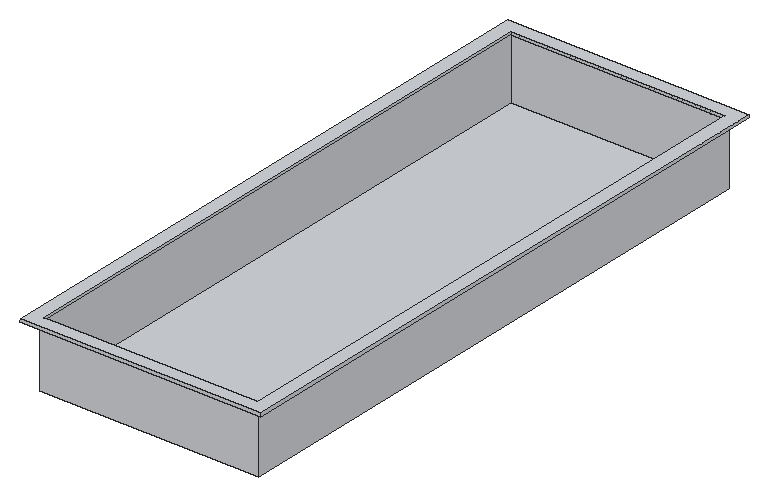
Revit family "Hager-Volta-IP30-Hollow_wall-leer-CH-de", category Electrical Equipment, host Face, Revit 2020
Family settings
  Host = Face
  Panel Configuration = Two Columns, Circuits Across
  Round Connector Dimension = Use Diameter
  Part Type = Panelboard
  Cut with Voids When Loaded = No
  Shared = No
  Room Calculation Point = No
Parameters (values of type "Unterputz  B330 H880 T94.5 12 Teilungseinheiten - VH60NK")
  Width Control [instance] = if([HG000006 - Unterputz], if([EF000846 - Einbaubreite] > min_whd, [EF000846 - Einbaubreite], min_whd), if([EF000008 - Breite] > min_whd, ([EF000008 - Breite]), min_whd))  # 314 mm
  Void Depth [instance] = if([HG000006 - Unterputz], Depth Control, 1 mm)  # 90 mm
  Type Comments = [HG000003 - Bereich]  # "Volta"
  System Height [instance] = Height Control - 2 * [HG000005 - Dicke]  # 840 mm
  Model = [HG000004 - Herstellerreferenz]  # "VH60NK"
  HG000017 - Distanz zwischen den Polen = 18 mm
  HG000016 - 3D-Türsichtbarkeit [instance] = yes
  HG000015 - Sichtbarkeit der Türöffnung [instance] = no
  HG000014 - Tür rechts [instance] = yes
  HG000013 - Tür links [instance] = not([HG000014 - Tür rechts])  # no
  HG000012 - Türschwenkwinkel [instance] = 45.00°
  HG000011 - Leere Reihen von unten = no
  HG000010 - Asymmetrische Türen = no
  HG000009 - Doppelflügeligen Tür = no
  HG000008 - Anzahl der leeren Reihen = 0
  HG000007 - Anzahl der leeren Spalten = 0
  HG000006 - Unterputz = yes
  HG000005 - Dicke = 3 mm  # constant formula
  HG000004 - Herstellerreferenz = "VH60NK"
  HG000003 - Bereich = "Volta"
  HG000002 - Mit tür = no
  HG000001 - Anzahl der Spalten = 0
  EF015941 - Signaldurchlassende Tür = no
  EF015777 - Neutralleiterklemmenblock = no
  EF015776 - Erdungsklemmenblock = no
  EF009212 - Ausführung Deckel = "EV000116 - geschlossen"
  EF006306 - Mit Schloss = no
  EF006244 - Transparenter Deckel/Tür = no
  EF005474 - Schutzart (IP) = ""
  EF004462 - Art der Schließung = ""
  EF002950 - Breite in Teilungseinheiten = 12
  EF001596 - Werkstoff des Gehäuses = "EV000139 - Kunststoff"
  EF001134 - DIN-Schiene = no
  EF001131 - Innentiefe = 92 mm
  EF001088 - Anbaumöglichkeit = yes
  EF001062 - EMV-Ausführung = yes
  EF000846 - Einbaubreite = 314 mm
  EF000339 - Art der Abdeckung = ""
  EF000332 - Einbauhöhe = 846 mm
  EF000266 - Anzahl der Reihen = 5
  EF000218 - Einbautiefe = 90 mm
  EF000118 - Mit Montageplatte = no
  EF000116 - RAL-Nummer = "9010"
  EF000049 - Tiefe = 94 mm
  EF000040 - Höhe = 880 mm
  EF000008 - Breite = 330 mm
  EF000007 - Farbe = "EV000202 - weiß"
  EF000003 - Montageart = "EV000128 - Hohlwand"
  Arrow Offset [instance] = Depth Control / 8  # 11.25 mm
  Arrow Height [instance] = Depth Control - Arrow Offset  # 78.75 mm
  Host Offset [instance] = if([HG000006 - Unterputz], 0 mm, [EF000049 - Tiefe])  # 0 mm
  min_whd [instance] = (2 * [HG000005 - Dicke]) + 1 mm  # 7 mm
  Manufacturer = "Hager"  # constant formula
  Height Control [instance] = if([HG000006 - Unterputz], if([EF000332 - Einbauhöhe] > min_whd, [EF000332 - Einbauhöhe], min_whd), if([EF000040 - Höhe] > min_whd, ([EF000040 - Höhe]), min_whd))  # 846 mm
  Flush Mounted - Door Frame Width [instance] = if(([EF000040 - Höhe] - [EF000332 - Einbauhöhe]) > 0 mm, if([HG000006 - Unterputz], [EF000040 - Höhe] - [EF000332 - Einbauhöhe], 0 mm), 0 mm)  # 34 mm
  Depth Control [instance] = if([HG000006 - Unterputz], if([EF000218 - Einbautiefe] > 0 mm, [EF000218 - Einbautiefe], 1 mm), if([EF000049 - Tiefe] > 0 mm, ([EF000049 - Tiefe]), 1 mm))  # 90 mm
  Default Elevation = 0 mm
Types (5, lengths in mm): name | System Height | Model | HG000004 - Herstellerreferenz | EF000332 - Einbauhöhe | EF000266 - Anzahl der Reihen | EF000040 - Höhe | Height Control | Flush Mounted - Door Frame Width
  Unterputz  B330 H355 T94.5 12 Teilungseinheiten - VH12NK | 340 | "VH12NK" | "VH12NK" | 346 | 1 | 355 | 346 | 9
  Unterputz  B330 H484 T94.5 12 Teilungseinheiten - VH24NK | 465 | "VH24NK" | "VH24NK" | 471 | 2 | 484 | 471 | 13
  Unterputz  B330 H609 T94.5 12 Teilungseinheiten - VH36NK | 590 | "VH36NK" | "VH36NK" | 596 | 3 | 609 | 596 | 13
  Unterputz  B330 H734 T94.5 12 Teilungseinheiten - VH48NK | 715 | "VH48NK" | "VH48NK" | 721 | 4 | 734 | 721 | 13
  Unterputz  B330 H880 T94.5 12 Teilungseinheiten - VH60NK | 840 | "VH60NK" | "VH60NK" | 846 | 5 | 880 | 846 | 34
Reference planes
  plane 1 "Center (Front/Back)": y = 0
  plane 2: z = 0
  plane 3 "Center (Left/Right)": x = 0
  plane 4: z = 0
  plane 5: y = 37
  plane 6: z = -5
  plane 7: y = 457
  plane 8: y = 34
  plane 9: y = 880
  plane 10: z = -90
  plane 11: x = -157
  plane 12: x = 157
  plane 13: x = 154
  plane 14: x = -154
  plane 15: y = 877
  plane 16: z = -87
  plane 17: z = -3
  plane 18: z = -90
  plane 19: z = -3
Forms (mm)
  Extrusion 1, solid
    sketch origin (-583.045, 34, 1219.2) x (-1, 0, 0) y (0, 0, 1)
      loop
        line (-426.045, -1219.2) -> (-740.045, -1219.2) -> (-740.045, -1309.2) -> (-426.045, -1309.2) -> (-426.045, -1219.2)
    from 0 to 846 <- "Height Control"
  Extrusion 2, void
    sketch origin (-381.607, -4572, 0) x (0, -1, 0) y (-1, 0, 0)
      loop
        line (-5449, -227.607) -> (-5449, -535.607) -> (-4609, -535.607) -> (-4609, -227.607) -> (-5449, -227.607)
    from 0 to 87
  Extrusion 3, void
    sketch origin (0, 0, 0) x (1, 0, 0) y (0, 1, 0)
      loop
        line (-157, 34) -> (157, 34) -> (157, 880) -> (-157, 880) -> (-157, 34)
    from -90 to 1
  Extrusion 4, solid, detail levels coarse+medium
    sketch origin (-381.607, -4572, 0) x (-1, 0, 0) y (0, -1, 0)
      loop
        line (-227.607, -5449) -> (-227.607, -4609) -> (-535.607, -4609) -> (-535.607, -5449) -> (-227.607, -5449)
    from 0 to -3
Cuts and joins
  Extrusion 2 cuts Extrusion 1
Dimensions and locks
  plane 4 to plane 6 = 5 mm
  "Host Offset": plane 4 to host face
  "Flush Mounted - Door Frame Width": plane 1 "Center (Front/Back)" to plane 8
  "HG000005 - Dicke": plane 5 to plane 8
  locked: connector elem to plane 3 "Center (Left/Right)"
  "Height Control": plane 9 to plane 8
  equal spacing: plane 9, plane 7, plane 8
  locked: connector elem to plane 7
  "Depth Control": plane 4 to plane 10
  "HG000005 - Dicke": plane 11 to plane 14
  "HG000005 - Dicke": plane 12 to plane 13
  equal spacing: plane 11, plane 3 "Center (Left/Right)", plane 12
  "Width Control": plane 11 to plane 12
  "Arrow Offset": nested 4 to plane 10
  "HG000005 - Dicke": plane 9 to plane 15
  "HG000005 - Dicke": plane 16 to plane 10
  "HG000005 - Dicke": plane 4 to plane 17
  "Void Depth": plane 2 to plane 18
  "HG000005 - Dicke": plane 4 to plane 19
  aligned and locked: plane 2 to host face
  aligned and locked: level to host face
  aligned and locked: plane 3 "Center (Left/Right)" to nested 2
  aligned and locked: plane 4 to nested 2
  aligned and locked: nested 2 to plane 8
  aligned and locked: nested 1 to plane 6
  aligned and locked: plane 5 to nested 1
  aligned and locked: nested 4 to plane 11
  aligned and locked: nested 3 to plane 4
  aligned and locked: Extrusion 1 sketch curve to plane 12
  aligned and locked: Extrusion 1 sketch curve to plane 11
  aligned and locked: nested 3 to plane 10
  aligned and locked: plane 10 to Extrusion 1 sketch curve
  aligned and locked: plane 5 to Extrusion 2 sketch curve
  aligned and locked: Extrusion 2 sketch curve to plane 15
  aligned and locked: Extrusion 2 sketch curve to plane 14
  aligned and locked: Extrusion 2 sketch curve to plane 13
  aligned and locked: plane 11 to Extrusion 3 sketch curve
  aligned and locked: plane 9 to Extrusion 3 sketch curve
  aligned and locked: Extrusion 3 sketch curve to plane 8
  aligned and locked: plane 12 to Extrusion 3 sketch curve
  aligned and locked: nested 3 to plane 12
  aligned and locked: Extrusion 3 to plane 18
  aligned and locked: Extrusion 2 to plane 16
  aligned and locked: Extrusion 1 sketch curve to plane 4
  aligned and locked: Extrusion 4 to plane 17
  aligned and locked: Extrusion 4 sketch curve to plane 15
  aligned and locked: Extrusion 4 sketch curve to plane 13
  aligned and locked: Extrusion 4 sketch curve to plane 14
  aligned and locked: plane 5 to Extrusion 4 sketch curve
Automatic sketch dimensions
  host sketch curve to host sketch curve = 1469.727 mm
  host sketch curve to host sketch curve = 1434.803 mm
Nested families
  nested 1: "Hager_Enclosure_System" at (0, 37, -5) x (1, 0, 0) z (0, 1, 0), Depth <- "HG000005 - Dicke", Height <- "System Height", Width <- "EF000008 - Breite", Border <- "HG000005 - Dicke", Flush_Mounted <- "HG000006 - Unterputz", Built-in_Width <- "EF000846 - Einbaubreite", Row_Module_Multiplicator <- "EF002950 - Breite in Teilungseinheiten", Total_No_Empty_Rows <- "HG000008 - Anzahl der leeren Reihen", Total_No_Rows <- "EF000266 - Anzahl der Reihen", Empty_Columns <- "HG000007 - Anzahl der leeren Spalten", Width_Control <- "Width Control", Empty_Rows_From_Bottom <- "HG000011 - Leere Reihen von unten", Distance_Between_Poles <- "HG000017 - Distanz zwischen den Polen", Rows_Count <- "EF000266 - Anzahl der Reihen", Columns_Count <- "HG000001 - Anzahl der Spalten", type "Hager_Enclosure_System", detail levels fine
    with Width_Control 314 mm, Width 330 mm, Total_No_Rows 5, Total_No_Empty_Rows 0, Total_No_Columns 1, System_Width 308 mm, Rows_Count 5, Rows_Column 5, Row_Module_Multiplicator 12, Panel_4 no, Panel_3 no, Panel_2 no, Panel_1 no, No_Panels_Ctrl 1, Hide_Columns yes, Height 840 mm, Flush_Mounted yes, Empty_Rows_From_Bottom no, Empty_Rows_Column 0, Empty_Columns 0, Distance_Between_Poles 18 mm, Depth 3 mm, Columns_Count 0, Column_Width 308 mm, Built-in_Width 314 mm, Border 3 mm
  nested 2: "Hager_Enclosure_Door" at (0, 34, 0) x (1, 0, 0) z (0, 1, 0), Border <- "HG000005 - Dicke", Door_Right <- "HG000014 - Tür rechts", Flush_Mounted <- "HG000006 - Unterputz", Depth <- "EF000049 - Tiefe", Width <- "EF000008 - Breite", Door_Left <- "HG000013 - Tür links", 3d_Door <- "HG000016 - 3D-Türsichtbarkeit", BuiltIn_Width <- "EF000846 - Einbaubreite", BuiltIn_Height <- "EF000332 - Einbauhöhe", BuiltIn_Depth <- "EF000218 - Einbautiefe", Angle <- "HG000012 - Türschwenkwinkel", Assymetrical <- "HG000010 - Asymmetrische Türen", Double <- "HG000009 - Doppelflügeligen Tür", Clearance <- "HG000015 - Sichtbarkeit der Türöffnung", Transparent <- "EF006244 - Transparenter Deckel/Tür", Door <- "HG000002 - Mit tür", Height_Ctrl <- "Height Control", Width_Ctrl <- "Width Control", Height <- "EF000040 - Höhe", type "Hager_Enclosure_Door", detail levels medium+fine
    with min_wh 7 mm, Width_Ctrl 314 mm, Width 330 mm, Transparent_Door_No_Bottom_Border no, Transparent no, Leaf_Width 305 mm, Leaf_Tolerance 1.5 mm, Leaf_Height 837 mm, Leaf_2_Width 305 mm, Leaf_2_Offset 152.5 mm, Leaf_1_Width 305 mm, Leaf_1_Offset 152.5 mm, Height_Ctrl 846 mm, Height 880 mm, Frame_Width_Ctrl 16 mm, Frame_Width 16 mm, Frame_Internal_Offset 3 mm, Frame_Height_Ctrl 34 mm, Frame_Height 34 mm, Frame_Depth_Ctrl 4 mm, Frame_Depth 4 mm, Flush_Mounted yes, Double_Clearance_Ctrl no, Double no, Door_Right_Ctrl no, Door_Right yes, Door_Left_Ctrl no, Door_Left no, Door no, Depth 94 mm, Clearance_Depth 305 mm, Clearance_Ctrl no, Clearance no, BuiltIn_Width 314 mm, BuiltIn_Height 846 mm, BuiltIn_Depth 90 mm, Border 3 mm, Assymetrical no, Angle 45.00°, 3d_Door yes
  nested 3: "Hager_Enclosure_Symbol_Triangle" at (-157, 0, -90) x (1, 0, 0) z (0, -1, 0), Depth <- "Depth Control", Width <- "Width Control", type "Hager_Enclosure_Symbol_Triangle"
    with Width_Ctrl 314 mm, Width 314 mm, Depth_Ctrl 90 mm, Depth 90 mm
  nested 4: "Hager_Enclosure_Symbol_Arrow" at (-157, 0, -78.75) x (1, 0, 0) z (0, -1, 0), Height <- "Arrow Height", type "Hager_Enclosure_Symbol_Arrow"
    with Width_Inside 5.906 mm, Width 70.875 mm, Height_Ctrl 78.75 mm, Height 78.75 mm
Connectors
  electrical at (0, 457, -90)
    settings: on plane 10, index 1, voltage 0 V, apparent load 0 VA, apparent load phase1 0 VA, apparent load phase2 0 VA, apparent load phase3 0 VA, power factor 1, load classification "Other", number of poles 1, system type 30, power factor state 1, is connector primary yes, connector utility no, sub classification motor no, connector description ""
Definition of nested family "Hager_Enclosure_Door"
  Parameters (values of type "Hager_Enclosure_Door")
    min_wh [instance] = (2 * Border) + 1 mm  # 11 mm
    Width_Ctrl [instance] = 400 mm
    Width [instance] = 500 mm
    Transparent_Door_No_Bottom_Border [instance] = no
    Transparent [instance] = yes
    Leaf_Width [instance] = if((Width_Ctrl - 2 * Border - 2 * Leaf_Tolerance) > 0 mm, (Width_Ctrl - 2 * Border - 2 * Leaf_Tolerance), min_wh)  # 387 mm
    Leaf_Tolerance [instance] = 1.5 mm  # constant formula
    Leaf_Height [instance] = if((Height_Ctrl - 2 * Border - 2 * Leaf_Tolerance) > 0 mm, (Height_Ctrl - 2 * Border - 2 * Leaf_Tolerance), min_wh)  # 387 mm
    Leaf_2_Width [instance] = if(and(and(Double, Assymetrical), Door_Left), (Leaf_Width / 3) - (Leaf_Tolerance / 2), if(and(and(Double, Assymetrical), Door_Right), (Leaf_Width / 3) * 2 - (Leaf_Tolerance / 2), if(and(Double, not(Assymetrical)), (Leaf_Width / 2) - Leaf_Tolerance, Leaf_Width)))  # 387 mm
    Leaf_2_Offset [instance] = if(and(Double, Assymetrical), Leaf_2_Width / 2, if(and(Double, not(Assymetrical)), Leaf_Width / 4, Leaf_Width / 2))  # 193.5 mm
    Leaf_1_Width [instance] = if(and(and(Double, Assymetrical), Door_Right), (Leaf_Width / 3) - (Leaf_Tolerance / 2), if(and(and(Double, Assymetrical), Door_Left), (Width / 3) * 2 - (Leaf_Tolerance / 2), if(and(Double, not(Assymetrical)), (Leaf_Width / 2) - Leaf_Tolerance, Leaf_Width)))  # 387 mm
    Leaf_1_Offset [instance] = if(and(Double, Assymetrical), Leaf_1_Width / 2, if(and(Double, not(Assymetrical)), Leaf_Width / 4, Leaf_Width / 2))  # 193.5 mm
    Height_Ctrl [instance] = 400 mm
    Height [instance] = 500 mm
    Frame_Width_Ctrl [instance] = if(Frame_Width > 0 mm, Frame_Width, 1 mm)  # 1 mm
    Frame_Width [instance] = Width - BuiltIn_Width  # 0 mm
    Frame_Internal_Offset [instance] = if(Flush_Mounted, Border, 0 mm)  # 5 mm
    Frame_Height_Ctrl [instance] = if(Frame_Height > 0 mm, Frame_Height, 1 mm)  # 1 mm
    Frame_Height [instance] = Height - BuiltIn_Height  # 0 mm
    Frame_Depth_Ctrl [instance] = if(Frame_Depth > 0 mm, Frame_Depth, 1 mm)  # 1 mm
    Frame_Depth [instance] = if(Depth - BuiltIn_Depth > 0 mm, if(Flush_Mounted, Depth - BuiltIn_Depth, 0 mm), 0 mm)  # 0 mm
    Flush_Mounted [instance] = yes
    Double_Clearance_Ctrl [instance] = and(Double, Clearance)  # no
    Double [instance] = no
    Door_Right_Ctrl [instance] = and(or(Door_Right, Double), Door)  # yes
    Door_Right [instance] = yes
    Door_Left_Ctrl [instance] = and(or(Door_Left, Double), Door)  # no
    Door_Left [instance] = no
    Door [instance] = yes
    Depth [instance] = 500 mm
    Default Elevation = 1219.2 mm
    Clearance_Material = none
    Clearance_Depth [instance] = if(Leaf_1_Width > Leaf_2_Width, Leaf_1_Width, Leaf_2_Width)  # 387 mm
    Clearance_Ctrl [instance] = and(not(Double), Clearance)  # yes
    Clearance [instance] = yes
    BuiltIn_Width [instance] = 500 mm
    BuiltIn_Height [instance] = 500 mm
    BuiltIn_Depth [instance] = 500 mm
    Border [instance] = 5 mm
    Assymetrical [instance] = yes
    Angle [instance] = 30.00°
    3d_Door [instance] = yes
  Reference planes
    plane 1 "Center (Front/Back)": y = 0
    plane 2 "Bottom": z = 0
    plane 3 "Center (Left/Right)": x = 0
    plane 4: z = 400
    plane 5: x = -200
    plane 6: x = 200
    plane 7: z = 395
    plane 8: x = -195
    plane 9: z = 5
    plane 10: x = 195
    plane 11: y = 0
    plane 12: z = 6.5
    plane 13: x = -582
    plane 14: y = -387
    plane 15: x = 582
    plane 16: x = 0
    plane 17: x = 0
    plane 18: x = -193.5
    plane 19: x = 193.5
    plane 20: z = 393.5
  Forms (mm)
    Extrusion 1, solid, visible <- "Flush_Mounted"
      sketch origin (0, 0, 0) x (1, 0, 0) y (0, 0, 1)
        loop
          line (195, 5) -> (195, 395) -> (-195, 395) -> (-195, 5) -> (195, 5)
        loop
          line (-201, 401) -> (-201, -1) -> (201, -1) -> (201, 401) -> (-201, 401)
      from 0 to 1 <- "Frame_Depth_Ctrl"
    Extrusion 2, solid, material <- "Clearance_Material", visible <- "Double_Clearance_Ctrl"
      sketch origin (1200, 0, 0) x (1, 0, 0) y (0, 0, -1)
        loop
          line (-1782, -393.5) -> (-618, -393.5) -> (-618, 0) -> (-1782, 0) -> (-1782, -393.5)
      from 0 to -387
  Dimensions and locks
    equal spacing: plane 5, plane 3 "Center (Left/Right)", plane 6
    "Width_Ctrl": plane 5 to plane 6
    "Border": plane 5 to plane 8
    "Border": plane 6 to plane 10
    "Border": plane 9 to level
    "Border": plane 4 to plane 7
    "Height_Ctrl": plane 4 to level
    "Leaf_Tolerance": plane 12 to plane 9
    "Frame_Depth": plane 11 to plane 1 "Center (Front/Back)"
    "Frame_Width_Ctrl": plane 5 to Extrusion 1 sketch curve
    "Frame_Width_Ctrl": plane 6 to Extrusion 1 sketch curve
    "Frame_Width_Ctrl": Extrusion 1 sketch curve to plane 4
    "Frame_Width_Ctrl": plane 2 "Bottom" to Extrusion 1 sketch curve
    "Leaf_1_Offset": plane 18 to plane 16
    "Leaf_2_Offset": plane 17 to plane 19
    "Leaf_1_Width": plane 13 to plane 8
    "Leaf_2_Width": plane 10 to plane 15
    "Clearance_Depth": plane 14 to plane 1 "Center (Front/Back)"
    "Leaf_Tolerance": plane 8 to plane 18
    "Leaf_Tolerance": plane 19 to plane 10
    "Leaf_Tolerance": plane 7 to plane 20
    "Frame_Internal_Offset": plane 5 to Extrusion 1 sketch curve
    "Frame_Internal_Offset": Extrusion 1 sketch curve to plane 2 "Bottom"
    "Frame_Internal_Offset": plane 6 to Extrusion 1 sketch curve
    "Frame_Internal_Offset": plane 4 to Extrusion 1 sketch curve
    aligned and locked: level to plane 2 "Bottom"
    aligned and locked: nested 1 to plane 16
    aligned and locked: nested 2 to plane 17
    aligned and locked: Extrusion 2 to plane 13
    aligned and locked: plane 15 to Extrusion 2
    aligned and locked: Extrusion 2 to plane 14
    aligned and locked: plane 12 to nested 1
    aligned and locked: nested 2 to plane 12
    aligned and locked: Extrusion 2 to plane 11
    aligned and locked: plane 20 to Extrusion 2
    aligned and locked: nested 2 to plane 11
    aligned and locked: nested 1 to plane 11
  Automatic sketch dimensions
    Extrusion 2 sketch curve to level = 0 mm
    plane 5 to Extrusion 2 sketch curve = 382 mm
    plane 6 to Extrusion 2 sketch curve = 382 mm
    Extrusion 2 sketch curve to plane 4 = 6.5 mm
  Nested families
    nested 1: "Hager_Enclosure_Door_Leaf" at (0, 0, 6.5), Width <- "Leaf_1_Width", visible <- "Door_Left_Ctrl", Leaf_Height <- "Leaf_Height", Angle <- "Angle", Depth <- "Border", 3d_Door <- "3d_Door", Transparent <- "Transparent", Clearance Material <- "Clearance_Material", Clearance <- "Clearance_Ctrl", Transparent_Door_No_Bottom_Border <- "Transparent_Door_No_Bottom_Border", type "Hager_Enclosure_Door_Leaf"
      with Width 387 mm, Transparent_Door_No_Bottom_Border no, Transparent_Door_Border_Bottom_Top 25 mm, Transparent_Door_Border 25 mm, Transparent_Ctrl yes, Transparent yes, Standard no, Leaf_Height 387 mm, Glass_Offset 1 mm, Depth 5 mm, Clearance Material none, Clearance yes, Angle_Ctrl 30.00°, Angle 30.00°, 3d_Door yes
    nested 2: "Hager_Enclosure_Door_Leaf" at (0, 0, 6.5) x (-1, 0, 0) z (0, 0, 1), Width <- "Leaf_2_Width", visible <- "Door_Right_Ctrl", Leaf_Height <- "Leaf_Height", Angle <- "Angle", Depth <- "Border", 3d_Door <- "3d_Door", Transparent <- "Transparent", Clearance Material <- "Clearance_Material", Clearance <- "Clearance_Ctrl", Transparent_Door_No_Bottom_Border <- "Transparent_Door_No_Bottom_Border", type "Hager_Enclosure_Door_Leaf"
      with Width 387 mm, Transparent_Door_No_Bottom_Border no, Transparent_Door_Border_Bottom_Top 25 mm, Transparent_Door_Border 25 mm, Transparent_Ctrl yes, Transparent yes, Standard no, Leaf_Height 387 mm, Glass_Offset 1 mm, Depth 5 mm, Clearance Material none, Clearance yes, Angle_Ctrl 30.00°, Angle 30.00°, 3d_Door yes
  Definition of nested family "Hager_Enclosure_Door_Leaf"
    Parameters (values of type "Hager_Enclosure_Door_Leaf")
      Width [instance] = 2000 mm
      Transparent_Door_No_Bottom_Border [instance] = yes
      Transparent_Door_Border_Bottom_Top [instance] = if(Transparent_Door_No_Bottom_Border, 0.1 mm, Transparent_Door_Border)  # 0.1 mm
      Transparent_Door_Border [instance] = if(Transparent_Door_No_Bottom_Border, (Width * 0.12), 25 mm)  # 240 mm
      Transparent_Ctrl [instance] = and(Transparent, [3d_Door])  # yes
      Transparent [instance] = yes
      Standard [instance] = and(not(Transparent), [3d_Door])  # no
      Leaf_Height [instance] = 2720.336 mm
      Glass_Offset [instance] = if((Depth - 10 mm) / 2 > 0 mm, (Depth - 10 mm) / 2, 1 mm)  # 15 mm
      Glass_Material = none
      Depth [instance] = 40 mm
      Default Elevation = 0 mm
      Clearance Material [instance] = none
      Clearance [instance] = yes
      Angle_Ctrl [instance] = if(Angle > 170.00°, 170.00°, Angle)  # 45.00°
      Angle [instance] = 45.00°
      3d_Door [instance] = yes
    Reference planes
      plane 1 "Center (Front/Back)": y = 0
      plane 2: z = 0
      plane 3 "Center (Left/Right)": x = 0
      plane 4: y = 2000
      plane 5: x = -1000
      plane 6: x = 1000
      plane 7: x = -3000
      plane 8: z = 2720.336
      plane 9: z = 0.1
      plane 10: z = 2720.236
      plane 11: x = 760
      plane 12: x = -760
    Forms (mm)
      Extrusion 1, solid, material <- "Clearance Material", visible <- "Clearance"
        sketch origin (0, 0, 0) x (1, 0, 0) y (0, 0, 1)
          loop
            line (-3000, 2720.336) -> (-3000, 0) -> (1000, 0) -> (1000, 2720.336) -> (-3000, 2720.336)
        from 0 to -2000
      Extrusion 2, solid, visible <- "Standard", detail levels medium+fine
        sketch origin (-1000, 0, 0) x (0.707107, 0.707107, 0) y (-0.707107, 0.707107, 0)
          loop
            line (0, -40) -> (2000, -40) -> (2000, 0) -> (0, 0) -> (0, -40)
        from 0 to 2720.336 <- "Leaf_Height"
      Extrusion 3, solid, visible <- "Transparent_Ctrl", detail levels medium+fine
        sketch origin (-1000, 0, 0) x (0.707107, 0.707107, 0) y (-0.707107, 0.707107, 0)
          loop
            line (0, -40) -> (2000, -40) -> (2000, 0) -> (0, 0) -> (0, -40)
        from 0 to 2720.336 <- "Leaf_Height"
      Extrusion 4, void, detail levels medium+fine
        sketch origin (-1000, 0, 0) x (-0.707107, 0.707107, 0) y (0.707107, 0.707107, 0)
          loop
            line (0, 240) -> (0, 1760) -> (-40, 1760) -> (-40, 240) -> (0, 240)
        from -2720.236 to -0.1
      Extrusion 5, solid, material <- "Glass_Material", visible <- "Transparent_Ctrl", detail levels medium+fine
        sketch origin (-1000, 0, 0) x (0.707107, 0.707107, 0) y (-0.707107, 0.707107, 0)
          loop
            line (240, -15) -> (240, -25) -> (1760, -25) -> (1760, -15) -> (240, -15)
        from 0.1 to 2720.236
    Cuts and joins
      Extrusion 4 cuts Extrusion 3
    Lines and regions (mm)
      symbolic lines
        curve 1: line (1000, 0, 0) -> (-3000, 0, 0)
        curve 2: arc (1000, 0, 0) -> (-1000, 2000, 0) -> (-3000, 0, 0) r 2000
        curve 4: line (-1000, 0, 0) -> (414.214, 1414.214, 0)
      reference lines
        curve 3: line (-1000, 0, 0) -> (414.214, 1414.214, 0)
      symbolic lines, detail levels medium+fine
        curve 5: line (414.214, 1414.214, 0) -> (442.498, 1385.929, 0)
        curve 6: line (442.498, 1385.929, 0) -> (-971.716, -28.284, 0)
        curve 7: line (-971.716, -28.284, 0) -> (-1000, 0, 0)
        curve 8: line (-1000, 0, 2720.336) -> (1000, 0, 2720.336)
        curve 9: line (-1000, 0, 0) -> (-1000, 0, 2720.336)
        curve 10: line (1000, 0, 0) -> (-1000, 0, 0)
        curve 11: line (1000, 0, 2720.336) -> (1000, 0, 0)
      symbolic lines, visible <- "Transparent_Ctrl", detail levels medium+fine
        curve 12: line (-760, 0, 2720.236) -> (760, 0, 2720.236)
        curve 13: line (-760, 0, 0.1) -> (-760, 0, 2720.236)
        curve 14: line (760, 0, 0.1) -> (-760, 0, 0.1)
        curve 15: line (760, 0, 2720.236) -> (760, 0, 0.1)
    Dimensions and locks
      "Width": plane 1 "Center (Front/Back)" to plane 4
      equal spacing: plane 5, plane 3 "Center (Left/Right)", plane 6
      "Width": plane 5 to plane 6
      "Width": plane 7 to plane 5
      "Leaf_Height": plane 8 to level
      "Depth": curve 6 to curve 3
      "Width": curve 5 to curve 3
      "Width": curve 3 to curve 3
      "Transparent_Door_Border": Extrusion 4 sketch curve to curve 7
      "Transparent_Door_Border": Extrusion 4 sketch curve to curve 5
      "Transparent_Door_Border_Bottom_Top": plane 8 to plane 10
      "Transparent_Door_Border_Bottom_Top": plane 9 to level
      "Glass_Offset": Extrusion 5 sketch curve to curve 4
      "Glass_Offset": Extrusion 5 sketch curve to curve 6
      "Transparent_Door_Border": Extrusion 5 sketch curve to curve 5
      "Transparent_Door_Border": Extrusion 5 sketch curve to curve 7
      "Transparent_Door_Border": plane 12 to plane 5
      "Transparent_Door_Border": plane 6 to plane 11
      "Angle_Ctrl": angle plane 1 "Center (Front/Back)" to curve 3
      aligned and locked: level to plane 2
      aligned and locked: Extrusion 1 to curve 1
      aligned and locked: plane 6 to Extrusion 1
      aligned and locked: Extrusion 1 to plane 1 "Center (Front/Back)"
      aligned and locked: plane 4 to Extrusion 1
      aligned and locked: plane 8 to Extrusion 1
      aligned and locked: curve 4 to curve 3
      aligned and locked: Extrusion 2 sketch curve to curve 7
      aligned and locked: Extrusion 2 sketch curve to curve 6
      aligned and locked: Extrusion 2 sketch curve to curve 5
      aligned and locked: Extrusion 2 sketch curve to curve 3
      aligned and locked: curve 7 to Extrusion 3 sketch curve
      aligned and locked: Extrusion 3 sketch curve to curve 4
      aligned and locked: Extrusion 3 sketch curve to curve 6
      aligned and locked: Extrusion 3 sketch curve to curve 5
      aligned and locked: curve 4 to Extrusion 4 sketch curve
      aligned and locked: curve 6 to Extrusion 4 sketch curve
      aligned and locked: Extrusion 4 to plane 9
      aligned and locked: Extrusion 4 to plane 10
      aligned and locked: Extrusion 5 to plane 9
      aligned and locked: Extrusion 5 to plane 10
      aligned and locked: curve 8 to plane 8
      aligned and locked: plane 5 to curve 9
      aligned and locked: plane 2 to curve 10
      aligned and locked: curve 11 to plane 6
      aligned and locked: plane 10 to curve 12
      aligned and locked: plane 12 to curve 13
      aligned and locked: curve 14 to plane 9
      aligned and locked: plane 11 to curve 15
    Automatic sketch dimensions
      plane 1 "Center (Front/Back)" to curve 2 = 0 mm
      curve 2 to plane 5 = 0 mm
      Extrusion 1 sketch curve to level = 0 mm
      Extrusion 1 sketch curve to plane 7 = 0 mm
      Extrusion 1 sketch curve to plane 6 = 0 mm
      Extrusion 1 sketch curve to plane 8 = 0 mm
      plane 1 "Center (Front/Back)" to curve 3 = 0 mm
      curve 3 to plane 5 = 0 mm
      curve 7 to curve 3 = 0 mm
Definition of nested family "Hager_Enclosure_Symbol_Triangle"
  Parameters (values of type "Hager_Enclosure_Symbol_Triangle")
    Width_Ctrl [instance] = if(Width > 1 mm, Width, 1 mm)  # 498 mm
    Width [instance] = 498 mm
    Depth_Ctrl [instance] = if(Depth > 1 mm, Depth, 1 mm)  # 72 mm
    Depth [instance] = 72 mm
  Reference planes
    plane 1 "Centre (avant/arrière)": y = 0
    plane 2: z = 0
    plane 3 "Centre (gauche/droite)": x = 0
  Lines and regions (mm)
    Filled region 1, type "Solid_Black", in view "Niveau de réf."
      outline origin (0, 0, 0) x (1, 0, 0) y (0, 1, 0)
        loop
          line (0, 0) -> (498, 0) -> (498, 72) -> (0, 0)
    reference lines, in view "Niveau de réf."
      curve 1: line (-206.153, 72, 0) -> (1083.258, 72, 0)
      curve 2: line (498, 405.456, 0) -> (498, -517.619, 0)
  Dimensions and locks
    "Depth_Ctrl": plane 1 "Centre (avant/arrière)" to curve 1
    "Width_Ctrl": plane 3 "Centre (gauche/droite)" to curve 2
    aligned and locked: curve 1 to Filled region 1 sketch curve
    aligned and locked: Filled region 1 sketch curve to plane 1 "Centre (avant/arrière)"
    aligned and locked: curve 2 to Filled region 1 sketch curve
    aligned and locked: plane 3 "Centre (gauche/droite)" to Filled region 1 sketch curve
    aligned and locked: plane 1 "Centre (avant/arrière)" to Filled region 1 sketch curve
  Automatic sketch dimensions
    curve 1 to plane 3 "Centre (gauche/droite)" = 206.153 mm
    curve 2 to curve 1 = 585.258 mm
    plane 1 "Centre (avant/arrière)" to curve 2 = 517.619 mm
    curve 2 to plane 1 "Centre (avant/arrière)" = 405.456 mm
Definition of nested family "Hager_Enclosure_Symbol_Arrow"
  Parameters (values of type "Hager_Enclosure_Symbol_Arrow")
    Width_Inside [instance] = if(Width / 12 > 2 mm, Width / 12, 2 mm)  # 4.987 mm
    Width [instance] = if(Height_Ctrl * 0.9 > 2 mm, Height_Ctrl * 0.9, 2 mm)  # 59.85 mm
    Height_Ctrl [instance] = if(Height > 2 mm, Height, 2 mm)  # 66.5 mm
    Height [instance] = 66.5 mm
  Reference planes
    plane 1 "Centre (avant/arrière)": y = 0
    plane 2: z = 0
    plane 3 "Centre (gauche/droite)": x = 0
    plane 4: x = 59.85
    plane 5: y = 28.263
    plane 6: y = 38.238
    plane 7: y = 66.5
    plane 8: x = 29.925
    plane 9: y = 33.25
  Lines and regions (mm)
    Filled region 1, type "Solid_Black", in view "Niveau de réf."
      outline origin (0, 0, 0) x (1, 0, 0) y (0, 1, 0)
        loop
          line (59.85, 66.5) -> (37.929, 52.827) -> (51.846, 41.935) -> (59.85, 66.5)
    detail lines, in view "Niveau de réf."
      curve 1: line (0, 0, 0) -> (29.925, 38.238, 0)
      curve 2: line (29.925, 38.238, 0) -> (29.925, 28.263, 0)
      curve 3: line (29.925, 28.263, 0) -> (59.85, 66.5, 0)
  Dimensions and locks
    "Width": plane 3 "Centre (gauche/droite)" to plane 4
    "Height_Ctrl": plane 7 to plane 1 "Centre (avant/arrière)"
    equal spacing: plane 3 "Centre (gauche/droite)", plane 8, plane 4
    equal spacing: plane 7, plane 9, plane 1 "Centre (avant/arrière)"
    equal spacing: plane 6, plane 9, plane 5
    "Width_Inside": plane 6 to plane 9
    equal spacing: curve 3, Filled region 1 sketch curve, Filled region 1 sketch curve
    angle Filled region 1 sketch curve to curve 3 = 20.00°
    angle curve 3 to Filled region 1 sketch curve = 20.00°
    locked: curve 3 to Filled region 1 sketch curve (angle 90.00°)
  Automatic sketch dimensions
    plane 1 "Centre (avant/arrière)" to curve 1 = 0 mm
    curve 1 to plane 3 "Centre (gauche/droite)" = 0 mm
    curve 2 to plane 6 = 0 mm
    curve 3 to plane 8 = 0 mm
    curve 3 to plane 4 = 0 mm
    curve 2 to plane 5 = 0 mm
    curve 3 to plane 7 = 0 mm
    Filled region 1 sketch curve to plane 4 = 0 mm
    Filled region 1 sketch curve to plane 7 = 0 mm
